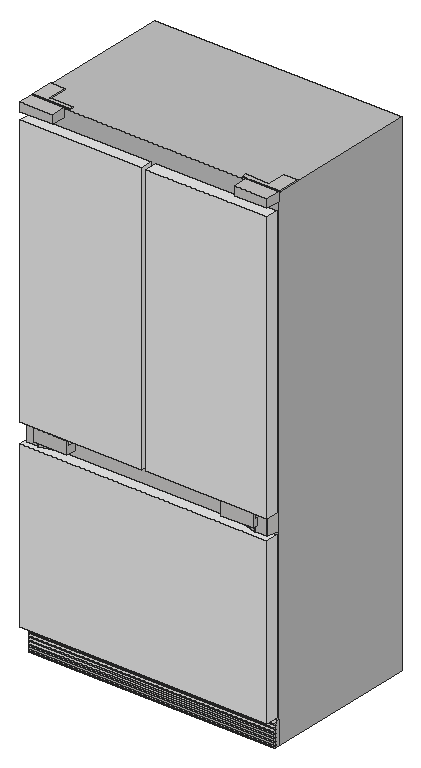
Revit family "FP_Revit_18_RS90A1_Fridge_90001176A", category Specialty Equipment, Revit 2018
Family settings
  Round Connector Dimension = Use Diameter
  Part Type = Normal
  OmniClass Number = 23.40.40.11.11.17
  OmniClass Title = Refrigerator-Freezer
  Work Plane-Based = No
  Always vertical = Yes
  Cut with Voids When Loaded = Yes
  Shared = No
  Room Calculation Point = No
Parameters
  Visibility - Visibility Control Note = yes
  Visibility - Clearance Required = yes
  URL = "www.fisherpaykel.com"
  Stainless Steel Door Panels (RD90A) = no
  Product - Width = 906 mm  # constant formula
  Product - Height = 1798 mm  # constant formula
  Product - Depth = 604 mm  # constant formula
  Model = "RS90AJ1"
  Material - Trim = Fisher & Paykel - Stainless Steel
  Material - Rollers and Feet = Fisher & Paykel - Black
  Material - Door Structure = Fisher & Paykel - White
  Material - Door Front = Fisher & Paykel - Stainless Steel
  Material - Connections = Fisher & Paykel - Black
  Material - Body = Fisher & Paykel - Grey
  Manufacturer = "Fisher & Paykel Appliances"
  Handle Style - Contemporary Square Fine Black (AHD5RD90AB) = no
  Handle Style - Contemporary Square Fine (AHD5RD90A) = no
  Handle Style - Contemporary Square (RS90A) = no
  Handle Style - Contemporary Round (25329 AHS-ASBI-A) = no
  Description = "90cm Integrated French Door Refrigerator Freezer"
  Connector Description - Electrical = "230 V, 10 A, fused electrical supply"
  Chassis - Width = 890 mm  # constant formula
  Chassis - Height = 1788 mm  # constant formula
  Chassis - Depth = 561.4 mm  # constant formula
  Cavity - Width = 914 mm  # constant formula
  Cavity - Height = 1800 mm  # constant formula
  Cavity - Depth = 650 mm  # constant formula
Reference planes
  plane 1 "Center (Front/Back)": y = 0
  plane 2: z = 0
  plane 3 "Center (Left/Right)": x = 0
  plane 4 "Product LHS": x = -453
  plane 5 "Product RHS": x = 453
  plane 6 "Cavity - Depth": y = 650
  plane 7 "Cavity LHS": x = -457
  plane 8 "Cavity RHS": x = 457
  plane 9 "Product - Depth": y = 622
  plane 10 "Product Height": z = 1798
  plane 11 "Cavity Height": z = 1800
  plane 12 "Datum": y = 18
Forms (mm)
  Extrusion 1, solid, material "Fisher & Paykel - Grey" <- "Material - Body"
    sketch origin (0, 0, 0) x (0, 1, 0) y (0, 0, 1)
      loop
        line (68.89, 6.6) -> (622, 6.6) -> (622, 1794.6) -> (68.89, 1794.6) -> (68.89, 6.6)
    from -445 to 445
  Extrusion 2, solid, material "Fisher & Paykel - Black" <- "Material - Rollers and Feet"
    sketch origin (0, 0, -4) x (0, 1, 0) y (0, 0, 1)
      loop
        arc (120.09, 10.6) -> (136.133, 4) -> (152.177, 10.6) r 22.8
        line (152.177, 10.6) -> (120.09, 10.6)
      loop
        arc (555.39, 10.6) -> (571.433, 4) -> (587.477, 10.6) r 22.8
        line (587.477, 10.6) -> (555.39, 10.6)
    from 402 to 429
  Extrusion 3, solid, material "Fisher & Paykel - Clearance Required", visible <- "Visibility - Clearance Required", detail levels coarse
    sketch origin (0, 0, 0) x (0, 1, 0) y (0, 0, 1)
      loop
        line (-0.043, 696.43) -> (-359.921, 696.43) -> (-359.921, 631.801) -> (-401.921, 631.801) -> (-401.921, 615.801) -> (-359.921, 615.801) -> (-359.921, 100.03) -> (-0.043, 100.03) -> (-0.043, 696.43)
    from -453 to 453
  Extrusion 4, solid, material "Fisher & Paykel - White" <- "Material - Door Structure"
    sketch origin (0, 0, 0) x (1, 0, 0) y (0, 0, 1)
      loop
        line (-7.74, 1737.6) -> (-445, 1737.6) -> (-445, 763.6) -> (-7.74, 763.6) -> (-7.74, 1737.6)
      loop
        line (7.74, 1737.6) -> (7.74, 763.6) -> (445, 763.6) -> (445, 1737.6) -> (7.74, 1737.6)
      loop
        line (-445, 693.1) -> (-445, 101.1) -> (445, 101.1) -> (445, 693.1) -> (-445, 693.1)
    from -60.6 to -18
  Extrusion 5, solid, material "Fisher & Paykel - White" <- "Material - Door Structure"
    sketch origin (0, 0, 0) x (1, 0, 0) y (0, 0, 1)
      loop
        line (-434.6, 685.2) -> (-434.6, 109) -> (434.6, 109) -> (434.6, 685.2) -> (-434.6, 685.2)
      loop
        line (-13.88, 776) -> (-13.88, 1722.7) -> (-434.58, 1722.7) -> (-434.58, 776) -> (-13.88, 776)
      loop
        line (13.88, 776) -> (434.58, 776) -> (434.58, 1722.7) -> (13.88, 1722.7) -> (13.88, 776)
    from -68.89 to -60.552
  Extrusion 6, solid, material "Fisher & Paykel - Stainless Steel" <- "Material - Trim"
    sketch origin (0, -2, 0) x (1, 0, 0) y (0, 1, 0)
      loop
        line (-441.5, 70.89) -> (-434.782, 36.328)
        arc (-434.782, 36.328) -> (-433.745, 34.585) -> (-431.837, 33.9) r 3
        line (-431.837, 33.9) -> (-393.733, 33.9)
        arc (-393.733, 33.9) -> (-391.738, 34.034) -> (-389.779, 34.431) r 15
        line (-389.779, 34.431) -> (-320.032, 53.491) -> (320.032, 53.491) -> (389.779, 34.431)
        arc (389.779, 34.431) -> (391.738, 34.034) -> (393.733, 33.9) r 15
        line (393.733, 33.9) -> (431.837, 33.9)
        arc (431.837, 33.9) -> (433.745, 34.585) -> (434.782, 36.328) r 3
        line (434.782, 36.328) -> (441.5, 70.89) -> (-441.5, 70.89)
    from 696.967 to 759.03
  Extrusion 7, solid, material "Fisher & Paykel - Stainless Steel" <- "Material - Trim"
    sketch origin (0, -2, 0) x (0, 1, 0) y (0, 0, 1)
      loop
        line (20, 762.6) -> (20, 715.3) -> (70.89, 715.3) -> (70.89, 743.6) -> (25, 743.6) -> (25, 762.6) -> (20, 762.6)
    from 276.67 to 395
  Extrusion 8, solid, material "Fisher & Paykel - Stainless Steel" <- "Material - Trim"
    sketch origin (0, -2, 0) x (0, 1, 0) y (0, 0, -1)
      loop
        line (20, -762.6) -> (25, -762.6) -> (25, -743.6) -> (70.89, -743.6) -> (70.89, -715.3) -> (20, -715.3) -> (20, -762.6)
    from 276.67 to 395
  Extrusion 9, solid, material "Fisher & Paykel - Stainless Steel" <- "Material - Trim"
    sketch origin (0, 0, 0) x (1, 0, 0) y (0, 1, 0)
      loop
        line (-327.17, 18) -> (-327.17, 68.89) -> (-445, 68.89) -> (-445, 18) -> (-327.17, 18)
      loop
        line (445, 18) -> (445, 68.89) -> (327.17, 68.89) -> (327.17, 18) -> (445, 18)
    from 1765.6 to 1797.6
  Extrusion 10, solid, material "Fisher & Paykel - Stainless Steel" <- "Material - Trim", detail levels fine
    sketch origin (0, 0, 0) x (1, 0, 0) y (0, 1, 0)
      loop
        line (-445, 154.61) -> (-445, 73.11) -> (-311.45, 73.11) -> (-311.45, 88.11) -> (-394, 88.11) -> (-394, 154.61) -> (-445, 154.61)
      loop
        line (445, 154.61) -> (394.85, 154.61) -> (394.85, 88.11) -> (311.45, 88.11) -> (311.45, 73.11) -> (445, 73.11) -> (445, 154.61)
    from 1794.6 to 1797.6
  Extrusion 11, solid, material "Fisher & Paykel - Black" <- "Material - Rollers and Feet", detail levels fine
    sketch origin (0, 0, -4) x (0, 1, 0) y (0, 0, -1)
      loop
        line (120.09, -10.6) -> (152.177, -10.6)
        arc (152.177, -10.6) -> (136.133, -4) -> (120.09, -10.6) r 22.8
      loop
        line (555.39, -10.6) -> (587.477, -10.6)
        arc (587.477, -10.6) -> (571.433, -4) -> (555.39, -10.6) r 22.8
    from 402 to 429
  Extrusion 12, solid, material "Fisher & Paykel - Stainless Steel" <- "Material - Trim", detail levels fine
    sketch origin (0, -2, 0) x (0, 1, 0) y (0, 0, 1)
      loop
        line (24.91, 101.1) -> (24.91, 94.1) -> (50.15, 94.1) -> (50.15, 101.1) -> (24.91, 101.1)
    from -20.67 to 20.7
  Extrusion 13, solid, material "Fisher & Paykel - Stainless Steel" <- "Material - Trim", detail levels fine
    sketch origin (0, -2, 0) x (0, 1, 0) y (0, 0, 1)
      loop
        line (70.89, 90.613) -> (53.491, 85.951) -> (53.491, 81.639) -> (61.43, 81.639) -> (61.43, 75.465) -> (53.491, 73.338) -> (53.491, 69.031) -> (61.43, 69.031) -> (61.43, 62.857) -> (53.491, 60.73) -> (53.491, 56.423) -> (61.43, 56.423) -> (61.43, 50.254) -> (53.491, 48.127) -> (53.491, 43.821) -> (61.43, 43.821) -> (61.43, 37.652) -> (53.491, 35.525) -> (53.491, 31.218) -> (61.43, 31.218) -> (61.43, 25.049) -> (53.491, 22.922) -> (53.491, 18.585) -> (61.43, 18.585) -> (61.43, 12.447) -> (53.491, 10.32) -> (53.491, 6.6) -> (70.89, 6.6) -> (70.89, 90.613)
    from -445 to 445
  Extrusion 14, solid, material "Fisher & Paykel - Stainless Steel" <- "Material - Trim", detail levels coarse+medium
    sketch origin (0, -2, 0) x (0, 1, 0) y (0, 0, 1)
      loop
        line (70.89, 90.613) -> (53.491, 85.951) -> (53.491, 6.6) -> (70.89, 6.6) -> (70.89, 90.613)
    from -445 to 445
  Extrusion 15, void
    sketch origin (0, -2000, 0) x (1, 0, 0) y (0, 1, 0)
      loop
        line (-386.5, 2622) -> (-386.5, 2068.89) -> (386.5, 2068.89) -> (386.5, 2622) -> (-386.5, 2622)
    from 6.6 to 56.423
  Extrusion 16, solid, material "Fisher & Paykel - Stainless Steel" <- "Material - Door Front", visible <- "Stainless Steel Door Panels (RD90A)"
    sketch origin (0, 0, 0) x (1, 0, 0) y (0, 0, 1)
      loop
        line (-453, 696.43) -> (-453, 100.03) -> (453, 100.03) -> (453, 696.43) -> (-453, 696.43)
      loop
        line (-453, 700.43) -> (-2, 700.43) -> (-2, 1796.43) -> (-453, 1796.43) -> (-453, 700.43)
      loop
        line (2, 1796.43) -> (2, 700.43) -> (453, 700.43) -> (453, 1796.43) -> (2, 1796.43)
    from -18 to 0.043
  Extrusion 17, void
    sketch origin (0, -2, 0) x (1, 0, 0) y (0, 1, 0)
      loop
        arc (445, 57.948) -> (443.695, 54.796) -> (440.543, 53.491) r 4.457
        line (440.543, 53.491) -> (445, 53.491) -> (445, 57.948)
      loop
        line (-445, 57.948) -> (-445, 53.491) -> (-440.543, 53.491)
        arc (-440.543, 53.491) -> (-443.695, 54.796) -> (-445, 57.948) r 4.457
    from 6.6 to 100.03
  Extrusion 18, solid, material "Fisher & Paykel - Clearance Required", visible <- "Visibility - Clearance Required", detail levels coarse
    sketch origin (0, 0, 0) x (1, 0, 0) y (0, 1, 0)
      loop
        line (-457, 650) -> (-457, 18) -> (457, 18) -> (457, 650) -> (-457, 650)
    from 0 to 1800
  Extrusion 19, solid, material "Fisher & Paykel - Clearance Required", visible <- "Visibility - Clearance Required", detail levels coarse
    sketch origin (0, 0, 0) x (1, 0, 0) y (0, 1, 0)
      loop
        line (-453, -0.043) -> (-610.872, -338.602) -> (-647.125, -321.697) -> (-653.73, -335.861) -> (-617.477, -352.766) -> (-643.601, -408.788)
        arc (-643.601, -408.788) -> (-210.678, -380.413) -> (-2, -0.043) r 451
        line (-2, -0.043) -> (-453, -0.043)
      loop
        line (453, -0.043) -> (2, -0.043)
        arc (2, -0.043) -> (210.678, -380.413) -> (643.601, -408.788) r 451
        line (643.601, -408.788) -> (617.477, -352.766) -> (653.73, -335.861) -> (647.125, -321.697) -> (610.872, -338.602) -> (453, -0.043)
    from 700.43 to 1800
  Extrusion 20, void
    sketch origin (0, 0, 0) x (1, 0, 0) y (0, 0, 1)
      loop
        line (275, 69.031) -> (275, 200) -> (0, 200) -> (0, 69.031) -> (275, 69.031)
      loop
        circle (225, 135) r 3
      loop
        circle (50, 135) r 3
    from -622 to -620
  Extrusion 21, void
    sketch origin (0, 0, 0) x (1, 0, 0) y (0, 1, 0)
      loop
        line (-457, 650) -> (-457, 0) -> (457, 0) -> (457, 650) -> (-457, 650)
    from 0 to 1800
Cuts and joins
  Extrusion 15, Extrusion 20 cuts Extrusion 1
  Extrusion 17 cuts Extrusion 13
  Extrusion 17 cuts Extrusion 14
  joined: Extrusion 6, Extrusion 7, Extrusion 8
Lines and regions (mm)
  model lines, style "Fisher & Paykel"
    curve 1: line (-453, 18, 1796.43) -> (-2, 18, 1796.43)
    curve 2: line (-453, 18, 700.43) -> (-453, 18, 1796.43)
    curve 3: line (-2, 18, 700.43) -> (-453, 18, 700.43)
    curve 4: line (-2, 18, 1796.43) -> (-2, 18, 700.43)
    curve 5: line (2, 18, 700.43) -> (453, 18, 700.43)
    curve 6: line (2, 18, 1796.43) -> (2, 18, 700.43)
    curve 7: line (453, 18, 1796.43) -> (2, 18, 1796.43)
    curve 8: line (453, 18, 700.43) -> (453, 18, 1796.43)
    curve 9: line (-453, 18, 696.43) -> (453, 18, 696.43)
    curve 10: line (-453, 18, 100.03) -> (-453, 18, 696.43)
    curve 11: line (453, 18, 100.03) -> (-453, 18, 100.03)
    curve 12: line (453, 18, 696.43) -> (453, 18, 100.03)
Text (mm)
  text "Due to ongoing product development, product details are subject to change without notice. \nPlease always refer to www.fisherpaykel.com for the most current product information. \n© Fisher & Paykel 2020" at (41.04, -527.568, 0), in view "Ref. Level (Plan)"
Dimensions and locks
  equal spacing: plane 4 "Product LHS", plane 3 "Center (Left/Right)", plane 5 "Product RHS"
  "Product - Width": plane 4 "Product LHS" to plane 5 "Product RHS"
  "Cavity - Depth": plane 1 "Center (Front/Back)" to plane 6 "Cavity - Depth"
  equal spacing: plane 7 "Cavity LHS", plane 3 "Center (Left/Right)", plane 8 "Cavity RHS"
  "Cavity - Width": plane 7 "Cavity LHS" to plane 8 "Cavity RHS"
  "Product - Height": level to plane 10 "Product Height"
  "Cavity - Height": plane 11 "Cavity Height" to level
  "Chassis - Height": Extrusion 1 to Extrusion 1
  Extrusion 12 to Extrusion 14 = 94.5 mm
  locked: plane 1 "Center (Front/Back)" to plane 12 "Datum" at 18
  "Product - Depth": plane 9 "Product - Depth" to plane 12 "Datum"
  equal spacing: cut or joined group of Extrusion 1, Extrusion 15, Extrusion 20, plane 3 "Center (Left/Right)", cut or joined group of Extrusion 1, Extrusion 15, Extrusion 20  (x2)
  "Chassis - Width": cut or joined group of Extrusion 1, Extrusion 15, Extrusion 20 to cut or joined group of Extrusion 1, Extrusion 15, Extrusion 20
  aligned and locked: level to plane 2
  aligned and locked: Extrusion 17 to Extrusion 2
  aligned and locked: plane 9 "Product - Depth" to Extrusion 1
  aligned and locked: cut or joined group of Extrusion 1, Extrusion 15, Extrusion 20 to Extrusion 13
  aligned and locked: cut or joined group of Extrusion 1, Extrusion 15, Extrusion 20 to Extrusion 14
  aligned and locked: Extrusion 14 to cut or joined group of Extrusion 1, Extrusion 15, Extrusion 20
  aligned and locked: Extrusion 13 to cut or joined group of Extrusion 1, Extrusion 15, Extrusion 20
  aligned and locked: Extrusion 10 sketch curve to cut or joined group of Extrusion 1, Extrusion 15, Extrusion 20
  aligned and locked: Extrusion 4 sketch curve to cut or joined group of Extrusion 1, Extrusion 15, Extrusion 20  (x2)
  aligned and locked: Extrusion 4 sketch curve to Extrusion 4 sketch curve
  aligned and locked: cut or joined group of Extrusion 1, Extrusion 15, Extrusion 20 to Extrusion 4 sketch curve
  aligned and locked: Extrusion 17 sketch curve to cut or joined group of Extrusion 13, Extrusion 17
  aligned and locked: Extrusion 9 to Extrusion 17 sketch curve
  aligned and locked: Extrusion 17 sketch curve to Extrusion 9
  aligned and locked: plane 9 "Product - Depth" to Extrusion 20
Automatic sketch dimensions
  Extrusion 1 sketch curve to plane 9 "Product - Depth" = 0 mm
  level to Extrusion 1 sketch curve = 6.6 mm
  Extrusion 1 sketch curve to plane 12 "Datum" = 50.89 mm
  plane 10 "Product Height" to Extrusion 1 sketch curve = 3.4 mm
  level to Extrusion 2 sketch curve = 6.6 mm  (x2)
  Extrusion 2 sketch curve to plane 12 "Datum" = 102.09 mm
  Extrusion 2 sketch curve to Extrusion 2 sketch curve = 16.044 mm  (x2)
  Extrusion 2 sketch curve to plane 9 "Product - Depth" = 66.61 mm
  level to Extrusion 2 sketch curve = 22.8 mm  (x2)
  plane 1 "Center (Front/Back)" to Extrusion 3 sketch curve = 401.921 mm
  Extrusion 3 sketch curve to Extrusion 3 sketch curve = 42 mm
  level to Extrusion 3 sketch curve = 100.03 mm
  plane 1 "Center (Front/Back)" to Extrusion 3 sketch curve = 359.921 mm
  plane 1 "Center (Front/Back)" to Extrusion 3 sketch curve = 0.043 mm
  Extrusion 3 sketch curve to Extrusion 3 sketch curve = 515.771 mm
  Extrusion 3 sketch curve to Extrusion 3 sketch curve = 16 mm
  Extrusion 3 sketch curve to Extrusion 3 sketch curve = 64.629 mm
  Extrusion 4 sketch curve to plane 3 "Center (Left/Right)" = 7.74 mm
  plane 3 "Center (Left/Right)" to Extrusion 4 sketch curve = 7.74 mm
  level to Extrusion 4 sketch curve = 101.1 mm
  Extrusion 4 sketch curve to Extrusion 4 sketch curve = 592 mm
  Extrusion 4 sketch curve to Extrusion 4 sketch curve = 70.5 mm
  Extrusion 4 sketch curve to Extrusion 4 sketch curve = 0 mm
  plane 10 "Product Height" to Extrusion 4 sketch curve = 60.4 mm  (x2)
  Extrusion 5 sketch curve to plane 4 "Product LHS" = 18.4 mm
  Extrusion 5 sketch curve to plane 4 "Product LHS" = 18.42 mm
  Extrusion 5 sketch curve to plane 3 "Center (Left/Right)" = 13.88 mm
  plane 3 "Center (Left/Right)" to Extrusion 5 sketch curve = 13.88 mm
  plane 5 "Product RHS" to Extrusion 5 sketch curve = 18.42 mm
  plane 5 "Product RHS" to Extrusion 5 sketch curve = 18.4 mm
  level to Extrusion 5 sketch curve = 109 mm
  Extrusion 5 sketch curve to Extrusion 5 sketch curve = 576.2 mm
  Extrusion 5 sketch curve to Extrusion 5 sketch curve = 90.8 mm
  Extrusion 5 sketch curve to Extrusion 5 sketch curve = 0 mm  (x2)
  plane 10 "Product Height" to Extrusion 5 sketch curve = 75.3 mm
  Extrusion 6 sketch curve to plane 4 "Product LHS" = 11.5 mm
  Extrusion 6 sketch curve to plane 4 "Product LHS" = 18.218 mm
  Extrusion 6 sketch curve to Extrusion 6 sketch curve = 2.945 mm  (x2)
  Extrusion 6 sketch curve to plane 12 "Datum" = 13.9 mm
  Extrusion 6 sketch curve to Extrusion 6 sketch curve = 38.104 mm
  Extrusion 6 sketch curve to plane 12 "Datum" = 14.431 mm  (x2)
  Extrusion 6 sketch curve to Extrusion 6 sketch curve = 3.954 mm  (x2)
  Extrusion 6 sketch curve to plane 12 "Datum" = 33.491 mm
  Extrusion 6 sketch curve to Extrusion 6 sketch curve = 69.747 mm
  plane 5 "Product RHS" to Extrusion 6 sketch curve = 132.968 mm
  plane 5 "Product RHS" to Extrusion 6 sketch curve = 63.221 mm
  plane 5 "Product RHS" to Extrusion 6 sketch curve = 21.163 mm
  plane 5 "Product RHS" to Extrusion 6 sketch curve = 11.5 mm
  Extrusion 6 sketch curve to plane 1 "Center (Front/Back)" = 31.9 mm
  Extrusion 6 sketch curve to Extrusion 6 sketch curve = 2.428 mm  (x2)
  Extrusion 6 sketch curve to Extrusion 6 sketch curve = 34.562 mm
  Extrusion 7 sketch curve to plane 12 "Datum" = 0 mm
  Extrusion 7 sketch curve to Extrusion 7 sketch curve = 5 mm
  Extrusion 7 sketch curve to Extrusion 7 sketch curve = 50.89 mm
  level to Extrusion 7 sketch curve = 715.3 mm
  Extrusion 7 sketch curve to Extrusion 7 sketch curve = 28.3 mm
  Extrusion 7 sketch curve to Extrusion 7 sketch curve = 19 mm
  Extrusion 8 sketch curve to plane 12 "Datum" = 0 mm
  Extrusion 8 sketch curve to Extrusion 8 sketch curve = 5 mm
  Extrusion 8 sketch curve to Extrusion 8 sketch curve = 50.89 mm
  level to Extrusion 8 sketch curve = 762.6 mm
  Extrusion 8 sketch curve to Extrusion 8 sketch curve = 19 mm
  Extrusion 8 sketch curve to Extrusion 8 sketch curve = 28.3 mm
  plane 12 "Datum" to Extrusion 9 sketch curve = 0 mm  (x2)
  Extrusion 9 sketch curve to plane 4 "Product LHS" = 8 mm
  Extrusion 9 sketch curve to plane 12 "Datum" = 50.89 mm  (x2)
  Extrusion 9 sketch curve to Extrusion 9 sketch curve = 117.83 mm
  plane 5 "Product RHS" to Extrusion 9 sketch curve = 125.83 mm
  plane 5 "Product RHS" to Extrusion 9 sketch curve = 8 mm
  Extrusion 10 sketch curve to Extrusion 10 sketch curve = 51 mm
  Extrusion 10 sketch curve to Extrusion 10 sketch curve = 82.55 mm
  Extrusion 10 sketch curve to plane 12 "Datum" = 55.11 mm  (x2)
  plane 5 "Product RHS" to Extrusion 10 sketch curve = 141.55 mm
  plane 5 "Product RHS" to Extrusion 10 sketch curve = 58.15 mm
  plane 5 "Product RHS" to Extrusion 10 sketch curve = 8 mm
  Extrusion 10 sketch curve to Extrusion 10 sketch curve = 15 mm  (x2)
  Extrusion 10 sketch curve to Extrusion 10 sketch curve = 66.5 mm  (x2)
  level to Extrusion 11 sketch curve = 6.6 mm  (x2)
  Extrusion 11 sketch curve to plane 12 "Datum" = 102.09 mm
  Extrusion 11 sketch curve to Extrusion 11 sketch curve = 16.044 mm  (x2)
  Extrusion 11 sketch curve to plane 9 "Product - Depth" = 66.61 mm
  level to Extrusion 11 sketch curve = 22.8 mm  (x2)
  Extrusion 12 sketch curve to plane 12 "Datum" = 4.91 mm
  Extrusion 12 sketch curve to Extrusion 12 sketch curve = 25.24 mm
  level to Extrusion 12 sketch curve = 94.1 mm
  Extrusion 12 sketch curve to Extrusion 12 sketch curve = 7 mm
  Extrusion 13 sketch curve to plane 12 "Datum" = 33.491 mm  (x3)
  level to Extrusion 13 sketch curve = 6.6 mm
  Extrusion 13 sketch curve to Extrusion 13 sketch curve = 0 mm  (x8)
  Extrusion 13 sketch curve to Extrusion 13 sketch curve = 7.939 mm  (x2)
  Extrusion 13 sketch curve to Extrusion 13 sketch curve = 9.46 mm
  Extrusion 13 sketch curve to Extrusion 13 sketch curve = 3.72 mm
  Extrusion 13 sketch curve to Extrusion 13 sketch curve = 2.127 mm
  Extrusion 13 sketch curve to Extrusion 13 sketch curve = 8.266 mm
  Extrusion 13 sketch curve to Extrusion 13 sketch curve = 4.337 mm
  Extrusion 13 sketch curve to Extrusion 13 sketch curve = 6.464 mm
  Extrusion 13 sketch curve to Extrusion 13 sketch curve = 6.169 mm  (x3)
  Extrusion 13 sketch curve to Extrusion 13 sketch curve = 4.306 mm  (x4)
  Extrusion 13 sketch curve to Extrusion 13 sketch curve = 6.433 mm  (x4)
  Extrusion 13 sketch curve to Extrusion 13 sketch curve = 6.175 mm  (x2)
  Extrusion 13 sketch curve to Extrusion 13 sketch curve = 4.312 mm
  Extrusion 13 sketch curve to Extrusion 13 sketch curve = 8.974 mm
  Extrusion 14 sketch curve to plane 12 "Datum" = 33.491 mm
  level to Extrusion 14 sketch curve = 6.6 mm
  Extrusion 14 sketch curve to Extrusion 14 sketch curve = 17.399 mm
  Extrusion 14 sketch curve to Extrusion 14 sketch curve = 79.351 mm
  Extrusion 14 sketch curve to Extrusion 14 sketch curve = 4.662 mm
  Extrusion 15 sketch curve to plane 9 "Product - Depth" = 0 mm
  Extrusion 15 sketch curve to plane 4 "Product LHS" = 66.5 mm
  plane 5 "Product RHS" to Extrusion 15 sketch curve = 66.5 mm
  Extrusion 15 sketch curve to plane 12 "Datum" = 50.89 mm
  plane 4 "Product LHS" to Extrusion 16 sketch curve = 0 mm  (x2)
  plane 5 "Product RHS" to Extrusion 16 sketch curve = 0 mm  (x2)
  Extrusion 16 sketch curve to plane 3 "Center (Left/Right)" = 2 mm
  plane 3 "Center (Left/Right)" to Extrusion 16 sketch curve = 2 mm
  level to Extrusion 16 sketch curve = 100.03 mm
  Extrusion 16 sketch curve to Extrusion 16 sketch curve = 596.4 mm
  Extrusion 16 sketch curve to Extrusion 16 sketch curve = 4 mm
  Extrusion 16 sketch curve to Extrusion 16 sketch curve = 0 mm
  plane 10 "Product Height" to Extrusion 16 sketch curve = 1.57 mm  (x2)
  Extrusion 17 sketch curve to Extrusion 17 sketch curve = 4.457 mm  (x2)
  Extrusion 17 sketch curve to plane 12 "Datum" = 33.491 mm
  Extrusion 18 sketch curve to plane 7 "Cavity LHS" = 0 mm
  Extrusion 18 sketch curve to plane 8 "Cavity RHS" = 0 mm
  plane 12 "Datum" to Extrusion 18 sketch curve = 0 mm
  plane 6 "Cavity - Depth" to Extrusion 18 sketch curve = 0 mm
  Extrusion 19 sketch curve to plane 4 "Product LHS" = 0 mm  (x2)
  Extrusion 19 sketch curve to plane 5 "Product RHS" = 0 mm  (x2)
  plane 7 "Cavity LHS" to Extrusion 19 sketch curve = 153.872 mm
  Extrusion 19 sketch curve to Extrusion 19 sketch curve = 6.605 mm  (x3)
  Extrusion 19 sketch curve to Extrusion 19 sketch curve = 26.124 mm
  Extrusion 19 sketch curve to Extrusion 19 sketch curve = 36.252 mm  (x2)
  plane 1 "Center (Front/Back)" to Extrusion 19 sketch curve = 0.043 mm  (x2)
  Extrusion 19 sketch curve to plane 3 "Center (Left/Right)" = 2 mm
  plane 3 "Center (Left/Right)" to Extrusion 19 sketch curve = 2 mm
  Extrusion 19 sketch curve to plane 8 "Cavity RHS" = 153.872 mm
  plane 1 "Center (Front/Back)" to Extrusion 19 sketch curve = 408.788 mm
  plane 1 "Center (Front/Back)" to Extrusion 19 sketch curve = 335.861 mm
  Extrusion 20 sketch curve to plane 3 "Center (Left/Right)" = 0 mm
  plane 3 "Center (Left/Right)" to Extrusion 20 sketch curve = 50 mm
  Extrusion 20 sketch curve to Extrusion 20 sketch curve = 175 mm
  Extrusion 20 sketch curve to Extrusion 20 sketch curve = 50 mm
  level to Extrusion 20 sketch curve = 69.031 mm
  Extrusion 20 sketch curve to Extrusion 20 sketch curve = 65.969 mm  (x2)
  Extrusion 20 sketch curve to Extrusion 20 sketch curve = 65 mm
  Extrusion 21 sketch curve to plane 7 "Cavity LHS" = 0 mm
  Extrusion 21 sketch curve to plane 8 "Cavity RHS" = 0 mm
  plane 12 "Datum" to Extrusion 21 sketch curve = 18 mm
  plane 6 "Cavity - Depth" to Extrusion 21 sketch curve = 0 mm
  plane 4 "Product LHS" to curve 1 = 0 mm
  plane 5 "Product RHS" to curve 8 = 0 mm
  plane 4 "Product LHS" to curve 9 = 0 mm
  plane 5 "Product RHS" to curve 9 = 0 mm
  plane 10 "Product Height" to curve 1 = 1.57 mm
  plane 10 "Product Height" to curve 8 = 1.57 mm
  level to curve 5 = 700.43 mm
  curve 4 to plane 3 "Center (Left/Right)" = 2 mm
  curve 4 to curve 5 = 0 mm
  curve 2 to curve 9 = 4 mm
  level to curve 11 = 100.03 mm
  plane 3 "Center (Left/Right)" to curve 7 = 2 mm
  radius of Extrusion 20 sketch curve = 3 mm  (x2)
Nested families
  nested 1: "F&P Handle Kit - Contemporary Square - Horizontal" at (0, 0, 623.802), visible <- "Handle Style - Contemporary Square (RS90A)", type "RS90A - Contemporary square handle (2 of 2) (Horizontal) 746mm"
  nested 2: "F&P Handle Kit - Contemporary Square - Vertical" at (67.3, 0, 1128.5), visible <- "Handle Style - Contemporary Square (RS90A)", type "RS90A - Contemporary square handle (1 of 2) (Vertical) 727mm"
  nested 3: "F&P Handle Kit - Contemporary Square - Vertical" at (-67.3, 0, 1128.5), visible <- "Handle Style - Contemporary Square (RS90A)", type "RS90A - Contemporary square handle (1 of 2) (Vertical) 727mm"
  nested 4: "Comment Marker 2D" at (0, 95.815, 0), visible <- "Visibility - Visibility Control Note", type "Active"
  nested 5: "F&P Handle Kit - Contemporary Round - Horizontal" at (0, -0.043, 623.78), visible <- "Handle Style - Contemporary Round (25329 AHS-ASBI-A)", type "25329 AHS-ASBI-A - Contemporary round handle (2 of 2) (Horizontal) 746mm"
  nested 6: "F&P Handle Kit - Contemporary Round - Vertical" at (-67.3, -0.043, 1128.5), visible <- "Handle Style - Contemporary Round (25329 AHS-ASBI-A)", type "25329 AHS-ASBI-A - Contemporary round handle (1 of 2) (Vertical) 727mm"
  nested 7: "F&P Handle Kit - Contemporary Square Fine - Horizontal" at (0, -0.043, 623.78), visible <- "Handle Style - Contemporary Square Fine (AHD5RD90A)", type "AHD5RD90A - Contemporary square fine handle (2 of 2) (Horizontal) 746mm"
  nested 8: "F&P Handle Kit - Contemporary Square Fine - Horizontal" at (0, -0.043, 623.78), visible <- "Handle Style - Contemporary Square Fine Black (AHD5RD90AB)", type "AHD5RD90AB - Contemporary square fine black handle (2 of 2) (Horizontal) 746mm"
  nested 9: "F&P Handle Kit - Contemporary Square Fine - Vertical" at (-67.3, -0.043, 1128.5), visible <- "Handle Style - Contemporary Square Fine (AHD5RD90A)", type "AHD5RD90A - Contemporary square fine handle (1 of 2) (Vertical) 727mm"
  nested 10: "F&P Handle Kit - Contemporary Square Fine - Vertical" at (-67.3, -0.043, 1128.5), visible <- "Handle Style - Contemporary Square Fine Black (AHD5RD90AB)", type "AHD5RD90AB - Contemporary square fine black handle (1 of 2) (Vertical) 727mm"
  nested 11: "F&P Handle Kit - Contemporary Round - Vertical" at (67.3, -0.043, 1128.5), visible <- "Handle Style - Contemporary Round (25329 AHS-ASBI-A)", type "25329 AHS-ASBI-A - Contemporary round handle (1 of 2) (Vertical) 727mm"
  nested 12: "F&P Handle Kit - Contemporary Square Fine - Vertical" at (67.3, -0.043, 1128.5), visible <- "Handle Style - Contemporary Square Fine (AHD5RD90A)", type "AHD5RD90A - Contemporary square fine handle (1 of 2) (Vertical) 727mm"
  nested 13: "F&P Handle Kit - Contemporary Square Fine - Vertical" at (67.3, -0.043, 1128.5), visible <- "Handle Style - Contemporary Square Fine Black (AHD5RD90AB)", type "AHD5RD90AB - Contemporary square fine black handle (1 of 2) (Vertical) 727mm"
Connectors
  electrical at (50, 622, 135), driven by "Connector Description - Electrical"
    settings: on cut or joined group of Extrusion 1, Extrusion 15, Extrusion 20, index 1, voltage 230 V, apparent load 0 VA, apparent load phase1 0 VA, apparent load phase2 0 VA, apparent load phase3 0 VA, power factor 1, load classification "Other", number of poles 1, system type 30, power factor state 1, is connector primary yes, connector utility no, sub classification motor no, connector description "230 V, 10 A, fused electrical supply"
Definition of nested family "F&P Handle Kit - Contemporary Square - Horizontal"
  Parameters (values of type "RS90A - Contemporary square handle (2 of 2) (Horizontal) 746mm")
    URL = "www.fisherpaykel.com"
    Material - Handle = none
    Manufacturer = "Fisher & Paykel Appliances"
    Handle - Length = 746 mm
  Types (9, lengths in mm): name | Handle - Length
    (no name) | 746
    AHD3RD2484W - Contemporary square handle (2 of 2) (Horizontal) 494mm | 494
    AHD3RD3084W - Contemporary square handle (2 of 2) (Horizontal) 646mm | 646
    AHD3RS3272A - Contemporary square handle (2 of 2) (Horizontal) 646mm | 646
    AHD3RS80A - Contemporary square handle (2 of 2) (Horizontal) 646mm | 646
    AHD3RD6121W - Contemporary square handle (2 of 2) (Horizontal) 494mm | 494
    AHD3RD7621W - Contemporary square handle (2 of 2) (Horizontal) 646mm | 646
    RS36A - Contemporary square handle (2 of 2) (Horizontal) 746mm | 746
    RS90A - Contemporary square handle (2 of 2) (Horizontal) 746mm | 746
  Reference planes
    plane 1 "Center (Front/Back)": y = 0
    plane 2: z = 0
    plane 3 "Center (Left/Right)": x = 0
    plane 4 "Product LHS": x = -373
    plane 5 "Product RHS": x = 373
    plane 6 "LHS Standoff": x = -252.995
    plane 7 "RHS Standoff": x = 253.005
  Forms (mm)
    Extrusion 1, solid, material <- "Material - Handle", detail levels fine
      sketch origin (0, 0, 0) x (0, 1, 0) y (0, 0, 1)
        loop
          arc (-28.701, 7.561) -> (-29.057, 7.868) -> (-29.514, 7.978) r 1
          line (-29.514, 7.978) -> (-40.5, 7.978)
          arc (-40.5, 7.978) -> (-41.561, 7.539) -> (-42, 6.478) r 1.5
          line (-42, 6.478) -> (-42, -6.522)
          arc (-42, -6.522) -> (-41.561, -7.583) -> (-40.5, -8.022) r 1.5
          line (-40.5, -8.022) -> (-29.487, -8.022)
          arc (-29.487, -8.022) -> (-29.029, -7.911) -> (-28.673, -7.602) r 1
          arc (-28.673, -7.602) -> (-26.256, -0.016) -> (-28.701, 7.561) r 13.038
      from -373 to 373
    Extrusion 2, solid, material <- "Material - Handle", detail levels fine
      sketch origin (0, 0, 0) x (0, 1, 0) y (0, 0, 1)
        loop
          arc (-28.23, 7.062) -> (-26.156, 0.008) -> (-28.198, -7.056) r 13.136
          arc (-28.198, -7.056) -> (-28.21, -7.463) -> (-27.86, -7.67) r 0.4
          line (-27.86, -7.67) -> (0, -7.67) -> (0, 7.678) -> (-27.893, 7.678)
          arc (-27.893, 7.678) -> (-28.244, 7.47) -> (-28.23, 7.062) r 0.4
      from 253.005 to 373
    Extrusion 3, solid, material <- "Material - Handle", detail levels fine
      sketch origin (0, 0, 0) x (0, 1, 0) y (0, 0, -1)
        loop
          arc (-28.23, -7.062) -> (-28.244, -7.47) -> (-27.893, -7.678) r 0.4
          line (-27.893, -7.678) -> (0, -7.678) -> (0, 7.67) -> (-27.86, 7.67)
          arc (-27.86, 7.67) -> (-28.21, 7.463) -> (-28.198, 7.056) r 0.4
          arc (-28.198, 7.056) -> (-26.156, -0.008) -> (-28.23, -7.062) r 13.136
      from 252.995 to 373
    Sweep 4, void
      path in 3D
        loop
          line (373, -29.514, 7.978) -> (373, -40.5, 7.978)
          arc (373, -40.5, 7.978) -> (373, -41.561, 7.539) -> (373, -42, 6.478) r 1.5
          line (373, -42, 6.478) -> (373, -42, -6.522)
          arc (373, -42, -6.522) -> (373, -41.561, -7.583) -> (373, -40.5, -8.022) r 1.5
          line (373, -40.5, -8.022) -> (373, -29.487, -8.022)
      profile origin (373, -35.007, 7.978) x (1, 0, 0) y (0, 0, 1)
        loop
          line (0, 0) -> (-1.3, 0) -> (0, -1.3) -> (0, 0)
    Sweep 5, void
      path in 3D
        loop
          line (-373, -29.487, -8.022) -> (-373, -40.5, -8.022)
          arc (-373, -40.5, -8.022) -> (-373, -41.561, -7.583) -> (-373, -42, -6.522) r 1.5
          line (-373, -42, -6.522) -> (-373, -42, 6.478)
          arc (-373, -42, 6.478) -> (-373, -41.561, 7.539) -> (-373, -40.5, 7.978) r 1.5
          line (-373, -40.5, 7.978) -> (-373, -29.514, 7.978)
      profile origin (-373, -35.007, 7.978) x (-1, 0, 0) y (0, 0, 1)
        loop
          line (0, 0) -> (-1.3, 0) -> (0, -1.3) -> (0, 0)
    Extrusion 6, void
      sketch origin (0, 0, 0) x (1, 0, 0) y (0, 0, 1)
        loop
          line (373, 7.978) -> (371.7, 7.978) -> (373, 6.678) -> (373, 7.978)
        loop
          line (373, -8.022) -> (373, -6.722) -> (371.7, -8.022) -> (373, -8.022)
      from 0 to 40
    Extrusion 7, void
      sketch origin (0, 0, 0) x (1, 0, 0) y (0, 0, 1)
        loop
          line (-373, 7.978) -> (-373, 6.678) -> (-371.7, 7.978) -> (-373, 7.978)
        loop
          line (-373, -8.022) -> (-371.7, -8.022) -> (-373, -6.722) -> (-373, -8.022)
      from 0 to 40
    Extrusion 8, solid, material <- "Material - Handle", detail levels coarse+medium
      sketch origin (0, 0, 0) x (1, 0, 0) y (0, 1, 0)
        loop
          line (-373, -42) -> (373, -42) -> (373, 0) -> (253.005, 0) -> (253.005, -26.156) -> (-252.995, -26.156) -> (-252.995, 0) -> (-373, 0) -> (-373, -42)
      from -8.022 to 7.978
  Cuts and joins
    Sweep 4, Sweep 5, Extrusion 6, Extrusion 7 cuts Extrusion 1
    Extrusion 6 cuts Extrusion 2
    Extrusion 7 cuts Extrusion 3
  Lines and regions (mm)
    sketch lines
      curve 1: line (373, -29.514, 7.978) -> (373, -40.5, 7.978)
      curve 2: arc (373, -42, 6.478) -> (373, -41.561, 7.539) -> (373, -40.5, 7.978) r 1.5
      curve 3: line (373, -42, 6.478) -> (373, -42, -6.522)
      curve 4: arc (373, -40.5, -8.022) -> (373, -41.561, -7.583) -> (373, -42, -6.522) r 1.5
      curve 5: line (373, -40.5, -8.022) -> (373, -29.487, -8.022)
      curve 6: line (-373, -40.5, 7.978) -> (-373, -29.514, 7.978)
      curve 7: arc (-373, -40.5, 7.978) -> (-373, -41.561, 7.539) -> (-373, -42, 6.478) r 1.5
      curve 8: line (-373, -42, -6.522) -> (-373, -42, 6.478)
      curve 9: arc (-373, -42, -6.522) -> (-373, -41.561, -7.583) -> (-373, -40.5, -8.022) r 1.5
      curve 10: line (-373, -29.487, -8.022) -> (-373, -40.5, -8.022)
  Dimensions and locks
    equal spacing: plane 4 "Product LHS", plane 3 "Center (Left/Right)", plane 5 "Product RHS"
    "Handle - Length": plane 4 "Product LHS" to plane 5 "Product RHS"
    locked: plane 4 "Product LHS" to plane 6 "LHS Standoff" at 120.005
    locked: plane 7 "RHS Standoff" to plane 5 "Product RHS" at 119.995
    aligned and locked: level to plane 2
    aligned and locked: Extrusion 1 to plane 5 "Product RHS"
    aligned and locked: plane 4 "Product LHS" to Extrusion 1
    aligned and locked: Extrusion 2 to plane 5 "Product RHS"
    aligned and locked: plane 4 "Product LHS" to Extrusion 3
    aligned and locked: plane 4 "Product LHS" to Extrusion 8 sketch curve
    aligned and locked: Extrusion 8 sketch curve to plane 5 "Product RHS"
    aligned and locked: Extrusion 8 sketch curve to plane 7 "RHS Standoff"
    aligned and locked: plane 6 "LHS Standoff" to Extrusion 8 sketch curve
    aligned and locked: Extrusion 2 to plane 7 "RHS Standoff"
    aligned and locked: plane 6 "LHS Standoff" to Extrusion 3
  Automatic sketch dimensions
    Extrusion 1 sketch curve to level = 6.522 mm
    plane 1 "Center (Front/Back)" to Extrusion 1 sketch curve = 42 mm
    Extrusion 1 sketch curve to Extrusion 1 sketch curve = 1.5 mm  (x2)
    Extrusion 1 sketch curve to level = 0.04 mm
    Extrusion 1 sketch curve to Extrusion 1 sketch curve = 1.206 mm
    level to Extrusion 1 sketch curve = 6.978 mm
    Extrusion 1 sketch curve to Extrusion 1 sketch curve = 10.986 mm
    Extrusion 1 sketch curve to Extrusion 1 sketch curve = 11.013 mm
    Extrusion 1 sketch curve to Extrusion 1 sketch curve = 1 mm
    level to Extrusion 1 sketch curve = 6.478 mm
    Extrusion 1 sketch curve to Extrusion 1 sketch curve = 0 mm
    Extrusion 2 sketch curve to plane 1 "Center (Front/Back)" = 0 mm
    Extrusion 2 sketch curve to level = 7.67 mm
    Extrusion 2 sketch curve to Extrusion 2 sketch curve = 27.86 mm
    level to Extrusion 2 sketch curve = 7.678 mm
    Extrusion 2 sketch curve to Extrusion 2 sketch curve = 0.033 mm
    Extrusion 2 sketch curve to level = 0.022 mm
    Extrusion 2 sketch curve to Extrusion 2 sketch curve = 11.398 mm
    Extrusion 2 sketch curve to Extrusion 2 sketch curve = 0.4 mm  (x2)
    Extrusion 2 sketch curve to Extrusion 2 sketch curve = 0 mm
    Extrusion 3 sketch curve to plane 1 "Center (Front/Back)" = 0 mm
    Extrusion 3 sketch curve to level = 7.67 mm
    Extrusion 3 sketch curve to Extrusion 3 sketch curve = 27.86 mm
    level to Extrusion 3 sketch curve = 7.678 mm
    Extrusion 3 sketch curve to Extrusion 3 sketch curve = 0.033 mm
    Extrusion 3 sketch curve to level = 0.022 mm
    Extrusion 3 sketch curve to Extrusion 3 sketch curve = 11.398 mm
    Extrusion 3 sketch curve to Extrusion 3 sketch curve = 0.4 mm  (x2)
    Extrusion 3 sketch curve to Extrusion 3 sketch curve = 0 mm
    profile plane to Sweep 4 sketch curve = 0 mm
    Sweep 4 sketch curve to profile plane = 0 mm
    Sweep 4 sketch curve to profile plane = 1.3 mm
    profile plane to Sweep 4 sketch curve = 1.3 mm
    Sweep 5 sketch curve to profile plane = 0 mm  (x2)
    profile plane to Sweep 5 sketch curve = 1.3 mm
    Sweep 5 sketch curve to profile plane = 1.3 mm
    plane 5 "Product RHS" to Extrusion 6 sketch curve = 0 mm  (x2)
    Extrusion 6 sketch curve to Extrusion 6 sketch curve = 1.3 mm  (x4)
    Extrusion 6 sketch curve to level = 6.722 mm
    level to Extrusion 6 sketch curve = 6.678 mm
    plane 4 "Product LHS" to Extrusion 7 sketch curve = 0 mm  (x2)
    Extrusion 7 sketch curve to plane 4 "Product LHS" = 1.3 mm  (x2)
    Extrusion 7 sketch curve to level = 8.022 mm
    level to Extrusion 7 sketch curve = 6.678 mm
    Extrusion 7 sketch curve to Extrusion 7 sketch curve = 1.3 mm  (x2)
    plane 1 "Center (Front/Back)" to Extrusion 8 sketch curve = 0 mm  (x2)
    Extrusion 8 sketch curve to Extrusion 8 sketch curve = 26.156 mm
    Extrusion 8 sketch curve to Extrusion 8 sketch curve = 42 mm
Definition of nested family "F&P Handle Kit - Contemporary Square - Vertical"
  Parameters (values of type "RS90A - Contemporary square handle (1 of 2) (Vertical) 727mm")
    URL = "www.fisherpaykel.com"
    Material - Handle = none
    Manufacturer = "Fisher & Paykel Appliances"
    Handle - Length = 727 mm
  Types (11, lengths in mm): name | Handle - Length
    (no name) | 727
    AHD3-RD21 - Contemporary square handle (Vertical) 852mm | 852
    AHD3RD2484W - Contemporary square handle (1 of 2) (Vertical) 727mm | 727
    AHD3RD3084W - Contemporary square handle (1 of 2) (Vertical) 727mm | 727
    AHD3-RD84 - Contemporary square handle (Vertical) 852mm | 852
    AHD3RS3272A - Contemporary square handle (1 of 2) (Vertical) 727mm | 727
    AHD3RS80A - Contemporary square handle (1 of 2) (Vertical) 727mm | 727
    AHD3RD6121W - Contemporary square handle (1 of 2) (Vertical) 727mm | 727
    AHD3RD7621W - Contemporary square handle (1 of 2) (Vertical) 727mm | 727
    RS36A - Contemporary square handle (1 of 2) (Vertical) 727mm | 727
    RS90A - Contemporary square handle (1 of 2) (Vertical) 727mm | 727
  Reference planes
    plane 1 "Center (Front/Back)": y = 0
    plane 2: z = 0
    plane 3 "Center (Left/Right)": x = 0
    plane 4 "Top": z = 363.5
    plane 5 "Bottom": z = -363.5
    plane 6 "Top Standoff": z = 243.5
    plane 7 "Bottom Standoff": z = -243.5
  Forms (mm)
    Extrusion 1, solid, material <- "Material - Handle", detail levels fine
      sketch origin (0, 0, 0) x (1, 0, 0) y (0, 1, 0)
        loop
          arc (-7.583, -28.701) -> (-7.89, -29.057) -> (-8, -29.514) r 1
          line (-8, -29.514) -> (-8, -40.5)
          arc (-8, -40.5) -> (-7.561, -41.561) -> (-6.5, -42) r 1.5
          line (-6.5, -42) -> (6.5, -42)
          arc (6.5, -42) -> (7.561, -41.561) -> (8, -40.5) r 1.5
          line (8, -40.5) -> (8, -29.487)
          arc (8, -29.487) -> (7.889, -29.029) -> (7.58, -28.673) r 1
          arc (7.58, -28.673) -> (-0.006, -26.256) -> (-7.583, -28.701) r 13.038
      from -363.5 to 363.5
    Extrusion 2, solid, material <- "Material - Handle", detail levels fine
      sketch origin (0, 0, 0) x (1, 0, 0) y (0, 1, 0)
        loop
          arc (7.058, -28.23) -> (7.466, -28.244) -> (7.674, -27.893) r 0.4
          line (7.674, -27.893) -> (7.674, 0) -> (-7.674, 0) -> (-7.674, -27.86)
          arc (-7.674, -27.86) -> (-7.467, -28.21) -> (-7.06, -28.198) r 0.4
          arc (-7.06, -28.198) -> (0.004, -26.156) -> (7.058, -28.23) r 13.136
      from 243.5 to 363.5
    Extrusion 3, solid, material <- "Material - Handle", detail levels fine
      sketch origin (0, 0, 0) x (1, 0, 0) y (0, 1, 0)
        loop
          arc (7.058, -28.23) -> (7.466, -28.244) -> (7.674, -27.893) r 0.4
          line (7.674, -27.893) -> (7.674, 0) -> (-7.674, 0) -> (-7.674, -27.86)
          arc (-7.674, -27.86) -> (-7.467, -28.21) -> (-7.06, -28.198) r 0.4
          arc (-7.06, -28.198) -> (0.004, -26.156) -> (7.058, -28.23) r 13.136
      from -363.5 to -243.5
    Sweep 4, void
      path in 3D
        loop
          line (-8, -29.514, 363.5) -> (-8, -40.5, 363.5)
          arc (-8, -40.5, 363.5) -> (-7.561, -41.561, 363.5) -> (-6.5, -42, 363.5) r 1.5
          line (-6.5, -42, 363.5) -> (6.5, -42, 363.5)
          arc (6.5, -42, 363.5) -> (7.561, -41.561, 363.5) -> (8, -40.5, 363.5) r 1.5
          line (8, -40.5, 363.5) -> (8, -29.487, 363.5)
      profile origin (8, -34.994, 363.5) x (-1, 0, 0) y (0, 0, 1)
        loop
          line (0, 0) -> (0, -1.3) -> (1.3, 0) -> (0, 0)
    Sweep 5, void
      path in 3D
        loop
          line (8, -29.487, -363.5) -> (8, -40.5, -363.5)
          arc (8, -40.5, -363.5) -> (7.561, -41.561, -363.5) -> (6.5, -42, -363.5) r 1.5
          line (6.5, -42, -363.5) -> (-6.5, -42, -363.5)
          arc (-6.5, -42, -363.5) -> (-7.561, -41.561, -363.5) -> (-8, -40.5, -363.5) r 1.5
          line (-8, -40.5, -363.5) -> (-8, -29.514, -363.5)
      profile origin (8, -34.994, -363.5) x (-1, 0, 0) y (0, 0, -1)
        loop
          line (0, 0) -> (0, -1.3) -> (1.3, 0) -> (0, 0)
    Extrusion 6, void
      sketch origin (0, 0, 0) x (1, 0, 0) y (0, 0, 1)
        loop
          line (-8, -362.2) -> (-8, -363.5) -> (-6.7, -363.5) -> (-8, -362.2)
        loop
          line (8, -362.2) -> (6.7, -363.5) -> (8, -363.5) -> (8, -362.2)
      from 0 to 40
    Extrusion 7, void
      sketch origin (0, 0, 0) x (1, 0, 0) y (0, 0, 1)
        loop
          line (-8, 363.5) -> (-8, 362.2) -> (-6.7, 363.5) -> (-8, 363.5)
        loop
          line (8, 363.5) -> (6.7, 363.5) -> (8, 362.2) -> (8, 363.5)
      from 0 to 40
    Extrusion 8, solid, material <- "Material - Handle", detail levels coarse+medium
      sketch origin (0, 0, 0) x (0, 1, 0) y (0, 0, 1)
        loop
          line (0, 363.5) -> (-42, 363.5) -> (-42, -363.5) -> (0, -363.5) -> (0, -243.5) -> (-26.245, -243.5) -> (-26.245, 243.5) -> (0, 243.5) -> (0, 363.5)
      from -8 to 8
  Cuts and joins
    Sweep 4, Sweep 5, Extrusion 6, Extrusion 7 cuts Extrusion 1
    Extrusion 6 cuts Extrusion 3
    Extrusion 7 cuts Extrusion 2
  Lines and regions (mm)
    sketch lines
      curve 1: line (8, -40.5, 363.5) -> (8, -29.487, 363.5)
      curve 2: arc (8, -40.5, 363.5) -> (7.561, -41.561, 363.5) -> (6.5, -42, 363.5) r 1.5
      curve 3: line (-6.5, -42, 363.5) -> (6.5, -42, 363.5)
      curve 4: arc (-6.5, -42, 363.5) -> (-7.561, -41.561, 363.5) -> (-8, -40.5, 363.5) r 1.5
      curve 5: line (-8, -29.514, 363.5) -> (-8, -40.5, 363.5)
      curve 6: line (8, -29.487, -363.5) -> (8, -40.5, -363.5)
      curve 7: arc (6.5, -42, -363.5) -> (7.561, -41.561, -363.5) -> (8, -40.5, -363.5) r 1.5
      curve 8: line (6.5, -42, -363.5) -> (-6.5, -42, -363.5)
      curve 9: arc (-8, -40.5, -363.5) -> (-7.561, -41.561, -363.5) -> (-6.5, -42, -363.5) r 1.5
      curve 10: line (-8, -40.5, -363.5) -> (-8, -29.514, -363.5)
  Dimensions and locks
    equal spacing: plane 4 "Top", level, plane 5 "Bottom"
    "Handle - Length": plane 4 "Top" to plane 5 "Bottom"
    locked: plane 4 "Top" to plane 6 "Top Standoff" at 120
    locked: plane 7 "Bottom Standoff" to plane 5 "Bottom" at 120
    aligned and locked: level to plane 2
    aligned and locked: plane 4 "Top" to Extrusion 2
    aligned and locked: Extrusion 2 to plane 6 "Top Standoff"
    aligned and locked: plane 4 "Top" to Extrusion 1
    aligned and locked: Extrusion 1 to plane 5 "Bottom"
    aligned and locked: Extrusion 3 to plane 5 "Bottom"
    aligned and locked: plane 7 "Bottom Standoff" to Extrusion 3
    aligned and locked: plane 4 "Top" to Extrusion 8 sketch curve
    aligned and locked: plane 6 "Top Standoff" to Extrusion 8 sketch curve
    aligned and locked: plane 7 "Bottom Standoff" to Extrusion 8 sketch curve
    aligned and locked: plane 5 "Bottom" to Extrusion 8 sketch curve
    aligned and locked: plane 1 "Center (Front/Back)" to Extrusion 8 sketch curve  (x2)
  Automatic sketch dimensions
    Extrusion 1 sketch curve to plane 3 "Center (Left/Right)" = 8 mm
    Extrusion 1 sketch curve to Extrusion 1 sketch curve = 1 mm  (x2)
    Extrusion 1 sketch curve to Extrusion 1 sketch curve = 1.5 mm
    plane 3 "Center (Left/Right)" to Extrusion 1 sketch curve = 0.018 mm
    plane 3 "Center (Left/Right)" to Extrusion 1 sketch curve = 6.5 mm
    plane 3 "Center (Left/Right)" to Extrusion 1 sketch curve = 7 mm
    plane 1 "Center (Front/Back)" to Extrusion 1 sketch curve = 42 mm
    Extrusion 1 sketch curve to Extrusion 1 sketch curve = 1.206 mm
    Extrusion 1 sketch curve to Extrusion 1 sketch curve = 10.986 mm
    Extrusion 1 sketch curve to Extrusion 1 sketch curve = 11.013 mm
    Extrusion 1 sketch curve to Extrusion 1 sketch curve = 0 mm
    plane 1 "Center (Front/Back)" to Extrusion 2 sketch curve = 0 mm
    Extrusion 2 sketch curve to plane 3 "Center (Left/Right)" = 7.674 mm
    Extrusion 2 sketch curve to Extrusion 2 sketch curve = 0.4 mm  (x2)
    Extrusion 2 sketch curve to plane 3 "Center (Left/Right)" = 0.026 mm
    plane 3 "Center (Left/Right)" to Extrusion 2 sketch curve = 7.274 mm
    plane 1 "Center (Front/Back)" to Extrusion 2 sketch curve = 27.86 mm
    Extrusion 2 sketch curve to Extrusion 2 sketch curve = 0.033 mm
    Extrusion 2 sketch curve to Extrusion 2 sketch curve = 11.398 mm
    Extrusion 2 sketch curve to Extrusion 2 sketch curve = 0 mm
    plane 1 "Center (Front/Back)" to Extrusion 3 sketch curve = 0 mm
    Extrusion 3 sketch curve to Extrusion 3 sketch curve = 0.4 mm  (x2)
    Extrusion 3 sketch curve to Extrusion 3 sketch curve = 7.248 mm
    Extrusion 3 sketch curve to Extrusion 3 sketch curve = 7.3 mm
    plane 1 "Center (Front/Back)" to Extrusion 3 sketch curve = 27.86 mm
    Extrusion 3 sketch curve to Extrusion 3 sketch curve = 0.033 mm
    Extrusion 3 sketch curve to Extrusion 3 sketch curve = 11.398 mm
    Extrusion 3 sketch curve to Extrusion 3 sketch curve = 0 mm
    Sweep 4 sketch curve to profile plane = 0 mm  (x2)
    Sweep 4 sketch curve to profile plane = 1.3 mm  (x2)
    Sweep 5 sketch curve to profile plane = 0 mm  (x2)
    Sweep 5 sketch curve to profile plane = 1.3 mm  (x2)
    Extrusion 6 sketch curve to plane 5 "Bottom" = 0 mm  (x2)
    plane 5 "Bottom" to Extrusion 6 sketch curve = 1.3 mm  (x2)
    Extrusion 6 sketch curve to plane 3 "Center (Left/Right)" = 8 mm
    Extrusion 6 sketch curve to Extrusion 6 sketch curve = 1.3 mm  (x2)
    plane 3 "Center (Left/Right)" to Extrusion 6 sketch curve = 8 mm
    Extrusion 7 sketch curve to plane 4 "Top" = 0 mm  (x2)
    Extrusion 7 sketch curve to plane 3 "Center (Left/Right)" = 8 mm
    Extrusion 7 sketch curve to Extrusion 7 sketch curve = 1.3 mm  (x2)
    plane 3 "Center (Left/Right)" to Extrusion 7 sketch curve = 8 mm
    Extrusion 7 sketch curve to plane 4 "Top" = 1.3 mm  (x2)
    plane 1 "Center (Front/Back)" to Extrusion 8 sketch curve = 26.245 mm
    plane 1 "Center (Front/Back)" to Extrusion 8 sketch curve = 42 mm
    Extrusion 3 sketch curve to plane 3 "Center (Left/Right)" = 7.674 mm
Definition of nested family "F&P Handle Kit - Contemporary Round - Horizontal"
  Parameters (values of type "25374 AHS-ASBI-A - Contemporary round handle (2 of 2) (Horizontal) 746mm")
    URL = "www.fisherpaykel.com"
    Product - Width = 746 mm
    Model = ""
    Material - Handle = none
    Manufacturer = "Fisher & Paykel Appliances"
    Description = "Kit for RS36"
  Types (9, lengths in mm): name | Product - Width | Description
    (no name) | 746 | "Kit for RS36"
    AHSRD2484W - Contemporary round handle (2 of 2) (Horizontal) 494mm | 494 | ""
    AHSRD3084W - Contemporary round handle (2 of 2) (Horizontal) 646mm | 646 | ""
    AHSRS3272A - Contemporary round handle (2 of 2) (Horizontal) 646mm | 646 | ""
    AHSRS80A - Contemporary round handle (2 of 2) (Horizontal) 646mm | 646 | ""
    AHSRD6121W - Contemporary round handle (2 of 2) (Horizontal) 494mm | 494 | ""
    AHSRD7621W - Contemporary round handle (2 of 2) (Horizontal) 646mm | 646 | ""
    25374 AHS-ASBI-A - Contemporary round handle (2 of 2) (Horizontal) 746mm | 746 | "Kit for RS36"
    25329 AHS-ASBI-A - Contemporary round handle (2 of 2) (Horizontal) 746mm | 746 | "Kit for RS90"
  Reference planes
    plane 1 "Center (Front/Back)": y = 0
    plane 2: z = 0
    plane 3 "Center (Left/Right)": x = 0
    plane 4 "Product LHS": x = -373
    plane 5 "Product RHS": x = 373
    plane 6 "LHS Standoff": x = -252.995
    plane 7 "RHS Standoff": x = 253.005
  Forms (mm)
    Extrusion 1, solid, material <- "Material - Handle"
      sketch origin (0, 0, 0) x (0, 1, 0) y (0, 0, 1)
        loop
          circle (-32.3, 0) r 8.7
      from -252.995 to 253.005
    Extrusion 2, solid, material <- "Material - Handle", detail levels fine
      sketch origin (0, 0, 0) x (0, 1, 0) y (0, 0, 1)
        loop
          line (0, 8.7) -> (-32.3, 8.7)
          arc (-32.3, 8.7) -> (-41, 0) -> (-32.3, -8.7) r 8.7
          line (-32.3, -8.7) -> (0, -8.7) -> (0, 8.7)
      from 253.005 to 373
    Extrusion 3, solid, material <- "Material - Handle", detail levels fine
      sketch origin (0, 0, 0) x (0, 1, 0) y (0, 0, -1)
        loop
          line (0, -8.7) -> (0, 8.7) -> (-32.3, 8.7)
          arc (-32.3, 8.7) -> (-41, 0) -> (-32.3, -8.7) r 8.7
          line (-32.3, -8.7) -> (0, -8.7)
      from 252.995 to 373
    Sweep 4, void
      path in 3D
        loop
          line (373, 0, 8.7) -> (373, -32.3, 8.7)
          arc (373, -32.3, 8.7) -> (373, -41, 0) -> (373, -32.3, -8.7) r 8.7
          line (373, -32.3, -8.7) -> (373, 0, -8.7)
      profile origin (373, -16.15, 8.7) x (1, 0, 0) y (0, 0, 1)
        loop
          line (0, 0) -> (-1, 0) -> (0, -1) -> (0, 0)
    Sweep 5, void
      path in 3D
        loop
          line (-373, 0, -8.7) -> (-373, -32.3, -8.7)
          arc (-373, -32.3, -8.7) -> (-373, -41, 0) -> (-373, -32.3, 8.7) r 8.7
          line (-373, -32.3, 8.7) -> (-373, 0, 8.7)
      profile origin (-373, -16.15, 8.7) x (-1, 0, 0) y (0, 0, 1)
        loop
          line (0, 0) -> (-1, 0) -> (0, -1) -> (0, 0)
    Extrusion 6, solid, material <- "Material - Handle", detail levels coarse+medium
      sketch origin (0, 0, 0) x (0, 1, 0) y (0, 0, 1)
        loop
          line (0, 8.7) -> (-32.3, 8.7)
          arc (-32.3, 8.7) -> (-41, 0) -> (-32.3, -8.7) r 8.7
          line (-32.3, -8.7) -> (0, -8.7) -> (0, 8.7)
      from 253.005 to 373
    Extrusion 7, solid, material <- "Material - Handle", detail levels coarse+medium
      sketch origin (0, 0, 0) x (0, 1, 0) y (0, 0, -1)
        loop
          line (0, -8.7) -> (0, 8.7) -> (-32.3, 8.7)
          arc (-32.3, 8.7) -> (-41, 0) -> (-32.3, -8.7) r 8.7
          line (-32.3, -8.7) -> (0, -8.7)
      from 252.995 to 373
  Cuts and joins
    Sweep 4 cuts Extrusion 2
    Sweep 5 cuts Extrusion 3
  Lines and regions (mm)
    sketch lines
      curve 1: line (373, 0, 8.7) -> (373, -32.3, 8.7)
      curve 2: arc (373, -32.3, -8.7) -> (373, -41, 0) -> (373, -32.3, 8.7) r 8.7
      curve 3: line (373, -32.3, -8.7) -> (373, 0, -8.7)
      curve 4: line (-373, -32.3, 8.7) -> (-373, 0, 8.7)
      curve 5: arc (-373, -32.3, 8.7) -> (-373, -41, 0) -> (-373, -32.3, -8.7) r 8.7
      curve 6: line (-373, 0, -8.7) -> (-373, -32.3, -8.7)
  Dimensions and locks
    equal spacing: plane 4 "Product LHS", plane 3 "Center (Left/Right)", plane 5 "Product RHS"
    "Product - Width": plane 4 "Product LHS" to plane 5 "Product RHS"
    locked: plane 4 "Product LHS" to plane 6 "LHS Standoff" at 120.005
    locked: plane 7 "RHS Standoff" to plane 5 "Product RHS" at 119.995
    equal spacing: Extrusion 2 sketch curve, level, Extrusion 2 sketch curve
    Extrusion 3 sketch curve to Extrusion 3 sketch curve = 17.4 mm
    Extrusion 6 sketch curve to Extrusion 6 sketch curve = 17.4 mm
    Extrusion 7 sketch curve to Extrusion 7 sketch curve = 17.4 mm
    aligned and locked: level to plane 2
    aligned and locked: plane 7 "RHS Standoff" to Extrusion 1
    aligned and locked: Extrusion 2 to Extrusion 1
    aligned and locked: Extrusion 2 to plane 5 "Product RHS"
    aligned and locked: plane 4 "Product LHS" to Extrusion 3
    aligned and locked: plane 6 "LHS Standoff" to Extrusion 3
    aligned and locked: Extrusion 1 to plane 6 "LHS Standoff"
    aligned and locked: Extrusion 6 to Extrusion 1
    aligned and locked: Extrusion 6 to plane 5 "Product RHS"
    aligned and locked: plane 4 "Product LHS" to Extrusion 7
    aligned and locked: Extrusion 7 to Extrusion 1
  Automatic sketch dimensions
    Extrusion 1 sketch curve to level = 0 mm
    plane 1 "Center (Front/Back)" to Extrusion 1 sketch curve = 32.3 mm
    Extrusion 2 sketch curve to plane 1 "Center (Front/Back)" = 0 mm
    Extrusion 2 sketch curve to level = 8.7 mm
    plane 1 "Center (Front/Back)" to Extrusion 2 sketch curve = 32.3 mm
    Extrusion 3 sketch curve to level = 0 mm
    Extrusion 3 sketch curve to plane 1 "Center (Front/Back)" = 0 mm
    Extrusion 3 sketch curve to level = 8.7 mm
    plane 1 "Center (Front/Back)" to Extrusion 3 sketch curve = 32.3 mm
    Sweep 4 sketch curve to profile plane = 0 mm
    profile plane to Sweep 4 sketch curve = 0 mm
    profile plane to Sweep 4 sketch curve = 1 mm
    Sweep 4 sketch curve to profile plane = 1 mm
    Sweep 5 sketch curve to profile plane = 0 mm  (x2)
    profile plane to Sweep 5 sketch curve = 1 mm
    Sweep 5 sketch curve to profile plane = 1 mm
    Extrusion 6 sketch curve to level = 0 mm
    level to Extrusion 6 sketch curve = 8.7 mm
    plane 1 "Center (Front/Back)" to Extrusion 6 sketch curve = 32.3 mm
    Extrusion 6 sketch curve to Extrusion 6 sketch curve = 32.3 mm
    Extrusion 7 sketch curve to level = 0 mm
    level to Extrusion 7 sketch curve = 8.7 mm
    plane 1 "Center (Front/Back)" to Extrusion 7 sketch curve = 32.3 mm
    Extrusion 7 sketch curve to Extrusion 7 sketch curve = 32.3 mm
    radius of Extrusion 1 sketch curve = 8.7 mm
Definition of nested family "F&P Handle Kit - Contemporary Round - Vertical"
  Parameters (values of type "25374 AHS-ASBI-A - Contemporary round handle (1 of 2) (Vertical) 727mm")
    URL = "www.fisherpaykel.com"
    Material - Handle = none
    Manufacturer = "Fisher & Paykel Appliances"
    Handle - Length = 727 mm
    Description = "Kit for RS36"
  Types (10, lengths in mm): name | Handle - Length | Description
    AHS-RD21 - Contemporary round handle (Vertical) 852mm | 852 | ""
    AHSRD2484W - Contemporary round handle (1 of 2) (Vertical) 727mm | 727 | ""
    AHSRD3084W - Contemporary round handle (1 of 2) (Vertical) 727mm | 727 | ""
    AHS-RD84 - Contemporary round handle (Vertical) 852mm | 852 | ""
    AHSRS3272A - Contemporary round handle (1 of 2) (Vertical) 727mm | 727 | ""
    AHSRS80A - Contemporary round handle (1 of 2) (Vertical) 727mm | 727 | ""
    AHSRD6121W - Contemporary round handle (1 of 2) (Vertical) 727mm | 727 | ""
    AHSRD7621W - Contemporary round handle (1 of 2) (Vertical) 727mm | 727 | ""
    25329 AHS-ASBI-A - Contemporary round handle (1 of 2) (Vertical) 727mm | 727 | "Kit for RS90"
    25374 AHS-ASBI-A - Contemporary round handle (1 of 2) (Vertical) 727mm | 727 | "Kit for RS36"
  Reference planes
    plane 1 "Center (Front/Back)": y = 0
    plane 2: z = 0
    plane 3 "Center (Left/Right)": x = 0
    plane 4 "Top": z = 363.5
    plane 5 "Bottom": z = -363.5
    plane 6 "Top Standoff": z = 243.5
    plane 7 "Bottom Standoff": z = -243.5
  Forms (mm)
    Extrusion 1, solid, material <- "Material - Handle"
      sketch origin (0, 0, 0) x (1, 0, 0) y (0, 1, 0)
        loop
          circle (0, -32.3) r 8.7
      from -243.5 to 243.5
    Extrusion 2, solid, material <- "Material - Handle", detail levels fine
      sketch origin (0, 0, 0) x (1, 0, 0) y (0, 1, 0)
        loop
          line (-8.7, 0) -> (-8.7, -32.3)
          arc (-8.7, -32.3) -> (0, -41) -> (8.7, -32.3) r 8.7
          line (8.7, -32.3) -> (8.7, 0) -> (-8.7, 0)
